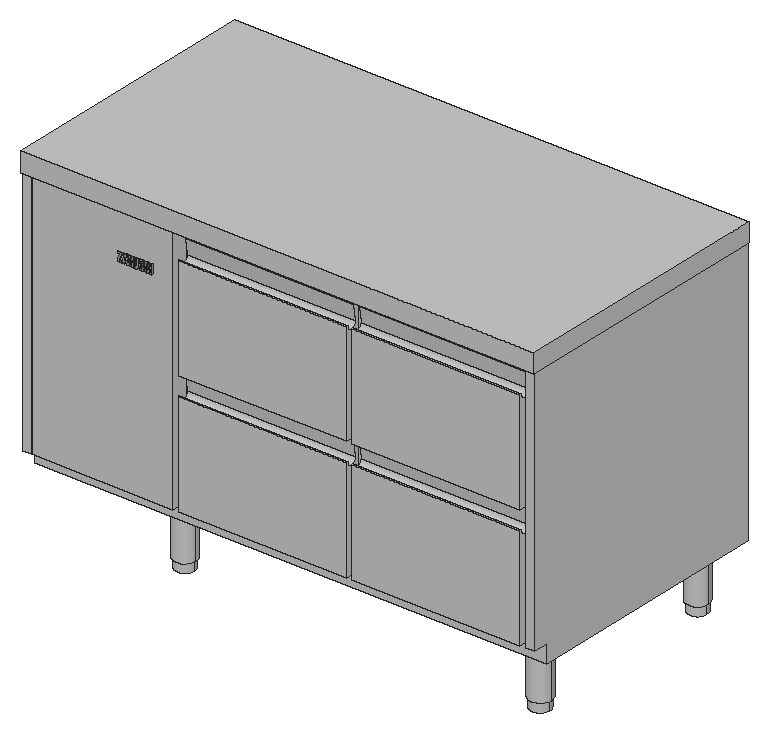
Revit family "QF_ZANUSSI_111031_ZH2HBBB", category Specialty Equipment, Revit 2018 (continued)
Definition of nested family "ZAN_Cooling Unit"
  Lines and regions (mm)
    Split face 130
      outline origin (110.032, 2, -113.091) x (0, 0, 1) y (-1, 0, 0)
        loop
          arc (502.647, 116.535) -> (506.648, 112.533) -> (510.649, 116.535) r 4.001
          line (510.649, 116.535) -> (510.649, 158.547)
    Split face 131
      outline origin (110.032, 2, -125.094) x (0, 0, 1) y (-1, 0, 0)
        loop
          arc (510.649, 158.547) -> (506.648, 162.548) -> (502.647, 158.547) r 4.001
          line (502.647, 158.547) -> (502.647, 116.535)
          arc (502.647, 116.535) -> (506.648, 112.533) -> (510.649, 116.535) r 4.001
          line (510.649, 116.535) -> (510.649, 158.547)
    Split face 132
      outline origin (110.032, 2, -137.098) x (0, 0, 1) y (-1, 0, 0)
        loop
          arc (510.649, 158.547) -> (506.648, 162.548) -> (502.647, 158.547) r 4.001
          line (502.647, 158.547) -> (502.647, 116.535)
          arc (502.647, 116.535) -> (506.648, 112.533) -> (510.649, 116.535) r 4.001
          line (510.649, 116.535) -> (510.649, 158.547)
    Split face 133
      outline origin (110.032, 2, -149.101) x (0, 0, 1) y (-1, 0, 0)
        loop
          arc (510.649, 158.547) -> (506.648, 162.548) -> (502.647, 158.547) r 4.001
          line (502.647, 158.547) -> (502.647, 116.535)
          arc (502.647, 116.535) -> (506.648, 112.533) -> (510.649, 116.535) r 4.001
          line (510.649, 116.535) -> (510.649, 158.547)
    Split face 134
      outline origin (110.032, 2, -161.105) x (0, 0, 1) y (-1, 0, 0)
        loop
          arc (510.649, 158.547) -> (506.648, 162.548) -> (502.647, 158.547) r 4.001
          line (502.647, 158.547) -> (502.647, 116.535)
          arc (502.647, 116.535) -> (506.648, 112.533) -> (510.649, 116.535) r 4.001
          line (510.649, 116.535) -> (510.649, 158.547)
    Split face 135
      outline origin (110.032, 2, -173.108) x (0, 0, 1) y (-1, 0, 0)
        loop
          arc (510.649, 158.547) -> (506.648, 162.548) -> (502.647, 158.547) r 4.001
          line (502.647, 158.547) -> (502.647, 116.535)
          arc (502.647, 116.535) -> (506.648, 112.533) -> (510.649, 116.535) r 4.001
          line (510.649, 116.535) -> (510.649, 158.547)
    Split face 136
      outline origin (110.032, 2, -185.112) x (0, 0, 1) y (-1, 0, 0)
        loop
          arc (510.649, 158.547) -> (506.648, 162.548) -> (502.647, 158.547) r 4.001
          line (502.647, 158.547) -> (502.647, 116.535)
          arc (502.647, 116.535) -> (506.648, 112.533) -> (510.649, 116.535) r 4.001
          line (510.649, 116.535) -> (510.649, 158.547)
    Split face 137
      outline origin (110.032, 2, -197.115) x (0, 0, 1) y (-1, 0, 0)
        loop
          arc (510.649, 158.547) -> (506.648, 162.548) -> (502.647, 158.547) r 4.001
          line (502.647, 158.547) -> (502.647, 116.535)
          arc (502.647, 116.535) -> (506.648, 112.533) -> (510.649, 116.535) r 4.001
          line (510.649, 116.535) -> (510.649, 158.547)
    Split face 138
      outline origin (110.032, 2, -209.119) x (0, 0, 1) y (-1, 0, 0)
        loop
          arc (510.649, 158.547) -> (506.648, 162.548) -> (502.647, 158.547) r 4.001
          line (502.647, 158.547) -> (502.647, 116.535)
          arc (502.647, 116.535) -> (506.648, 112.533) -> (510.649, 116.535) r 4.001
          line (510.649, 116.535) -> (510.649, 158.547)
    Split face 139
      outline origin (110.032, 2, -221.122) x (0, 0, 1) y (-1, 0, 0)
        loop
          arc (510.649, 158.547) -> (506.648, 162.548) -> (502.647, 158.547) r 4.001
          line (502.647, 158.547) -> (502.647, 116.535)
          arc (502.647, 116.535) -> (506.648, 112.533) -> (510.649, 116.535) r 4.001
          line (510.649, 116.535) -> (510.649, 158.547)
    Split face 140
      outline origin (110.032, 2, -233.126) x (0, 0, 1) y (-1, 0, 0)
        loop
          arc (510.649, 158.547) -> (506.648, 162.548) -> (502.647, 158.547) r 4.001
          line (502.647, 158.547) -> (502.647, 116.535)
          arc (502.647, 116.535) -> (506.648, 112.533) -> (510.649, 116.535) r 4.001
          line (510.649, 116.535) -> (510.649, 158.547)
    Split face 141
      outline origin (110.032, 2, -245.129) x (0, 0, 1) y (-1, 0, 0)
        loop
          arc (510.649, 158.547) -> (506.648, 162.548) -> (502.647, 158.547) r 4.001
          line (502.647, 158.547) -> (502.647, 116.535)
          arc (502.647, 116.535) -> (506.648, 112.533) -> (510.649, 116.535) r 4.001
          line (510.649, 116.535) -> (510.649, 158.547)
    Split face 142
      outline origin (110.032, 2, -257.133) x (0, 0, 1) y (-1, 0, 0)
        loop
          arc (510.649, 158.547) -> (506.648, 162.548) -> (502.647, 158.547) r 4.001
          line (502.647, 158.547) -> (502.647, 116.535)
          arc (502.647, 116.535) -> (506.648, 112.533) -> (510.649, 116.535) r 4.001
          line (510.649, 116.535) -> (510.649, 158.547)
    Split face 143
      outline origin (110.032, 2, -269.136) x (0, 0, 1) y (-1, 0, 0)
        loop
          arc (510.649, 158.547) -> (506.648, 162.548) -> (502.647, 158.547) r 4.001
          line (502.647, 158.547) -> (502.647, 116.535)
          arc (502.647, 116.535) -> (506.648, 112.533) -> (510.649, 116.535) r 4.001
          line (510.649, 116.535) -> (510.649, 158.547)
    Split face 144
      outline origin (110.032, 2, -281.14) x (0, 0, 1) y (-1, 0, 0)
        loop
          arc (510.649, 158.547) -> (506.648, 162.548) -> (502.647, 158.547) r 4.001
          line (502.647, 158.547) -> (502.647, 116.535)
          arc (502.647, 116.535) -> (506.648, 112.533) -> (510.649, 116.535) r 4.001
          line (510.649, 116.535) -> (510.649, 158.547)
    Split face 145
      outline origin (110.032, 2, -293.144) x (0, 0, 1) y (-1, 0, 0)
        loop
          arc (510.649, 158.547) -> (506.648, 162.548) -> (502.647, 158.547) r 4.001
          line (502.647, 158.547) -> (502.647, 116.535)
          arc (502.647, 116.535) -> (506.648, 112.533) -> (510.649, 116.535) r 4.001
          line (510.649, 116.535) -> (510.649, 158.547)
    Split face 146
      outline origin (165.048, 2, -113.091) x (0, 0, 1) y (-1, 0, 0)
        loop
          arc (510.649, 158.547) -> (506.648, 162.548) -> (502.647, 158.547) r 4.001
          line (502.647, 158.547) -> (502.647, 116.535)
          arc (502.647, 116.535) -> (506.648, 112.533) -> (510.649, 116.535) r 4.001
          line (510.649, 116.535) -> (510.649, 158.547)
    Split face 147
      outline origin (165.048, 2, -125.094) x (0, 0, 1) y (-1, 0, 0)
        loop
          arc (510.649, 158.547) -> (506.648, 162.548) -> (502.647, 158.547) r 4.001
          line (502.647, 158.547) -> (502.647, 116.535)
          arc (502.647, 116.535) -> (506.648, 112.533) -> (510.649, 116.535) r 4.001
          line (510.649, 116.535) -> (510.649, 158.547)
    Split face 148
      outline origin (165.048, 2, -137.098) x (0, 0, 1) y (-1, 0, 0)
        loop
          arc (510.649, 158.547) -> (506.648, 162.548) -> (502.647, 158.547) r 4.001
          line (502.647, 158.547) -> (502.647, 116.535)
          arc (502.647, 116.535) -> (506.648, 112.533) -> (510.649, 116.535) r 4.001
          line (510.649, 116.535) -> (510.649, 158.547)
    Split face 149
      outline origin (165.048, 2, -149.101) x (0, 0, 1) y (-1, 0, 0)
        loop
          arc (510.649, 158.547) -> (506.648, 162.548) -> (502.647, 158.547) r 4.001
          line (502.647, 158.547) -> (502.647, 116.535)
          arc (502.647, 116.535) -> (506.648, 112.533) -> (510.649, 116.535) r 4.001
          line (510.649, 116.535) -> (510.649, 158.547)
    Split face 150
      outline origin (165.048, 2, -161.105) x (0, 0, 1) y (-1, 0, 0)
        loop
          arc (510.649, 158.547) -> (506.648, 162.548) -> (502.647, 158.547) r 4.001
          line (502.647, 158.547) -> (502.647, 116.535)
          arc (502.647, 116.535) -> (506.648, 112.533) -> (510.649, 116.535) r 4.001
          line (510.649, 116.535) -> (510.649, 158.547)
    Split face 151
      outline origin (165.048, 2, -173.108) x (0, 0, 1) y (-1, 0, 0)
        loop
          arc (510.649, 158.547) -> (506.648, 162.548) -> (502.647, 158.547) r 4.001
          line (502.647, 158.547) -> (502.647, 116.535)
          arc (502.647, 116.535) -> (506.648, 112.533) -> (510.649, 116.535) r 4.001
          line (510.649, 116.535) -> (510.649, 158.547)
    Split face 152
      outline origin (165.048, 2, -185.112) x (0, 0, 1) y (-1, 0, 0)
        loop
          arc (510.649, 158.547) -> (506.648, 162.548) -> (502.647, 158.547) r 4.001
          line (502.647, 158.547) -> (502.647, 116.535)
          arc (502.647, 116.535) -> (506.648, 112.533) -> (510.649, 116.535) r 4.001
          line (510.649, 116.535) -> (510.649, 158.547)
    Split face 153
      outline origin (165.048, 2, -197.115) x (0, 0, 1) y (-1, 0, 0)
        loop
          arc (510.649, 158.547) -> (506.648, 162.548) -> (502.647, 158.547) r 4.001
          line (502.647, 158.547) -> (502.647, 116.535)
          arc (502.647, 116.535) -> (506.648, 112.533) -> (510.649, 116.535) r 4.001
          line (510.649, 116.535) -> (510.649, 158.547)
    Split face 154
      outline origin (165.048, 2, -209.119) x (0, 0, 1) y (-1, 0, 0)
        loop
          arc (510.649, 158.547) -> (506.648, 162.548) -> (502.647, 158.547) r 4.001
          line (502.647, 158.547) -> (502.647, 116.535)
          arc (502.647, 116.535) -> (506.648, 112.533) -> (510.649, 116.535) r 4.001
          line (510.649, 116.535) -> (510.649, 158.547)
    Split face 155
      outline origin (165.048, 2, -221.122) x (0, 0, 1) y (-1, 0, 0)
        loop
          arc (510.649, 158.547) -> (506.648, 162.548) -> (502.647, 158.547) r 4.001
          line (502.647, 158.547) -> (502.647, 116.535)
          arc (502.647, 116.535) -> (506.648, 112.533) -> (510.649, 116.535) r 4.001
          line (510.649, 116.535) -> (510.649, 158.547)
    Split face 156
      outline origin (165.048, 2, -233.126) x (0, 0, 1) y (-1, 0, 0)
        loop
          arc (510.649, 158.547) -> (506.648, 162.548) -> (502.647, 158.547) r 4.001
          line (502.647, 158.547) -> (502.647, 116.535)
          arc (502.647, 116.535) -> (506.648, 112.533) -> (510.649, 116.535) r 4.001
          line (510.649, 116.535) -> (510.649, 158.547)
    Split face 157
      outline origin (165.048, 2, -245.129) x (0, 0, 1) y (-1, 0, 0)
        loop
          arc (510.649, 158.547) -> (506.648, 162.548) -> (502.647, 158.547) r 4.001
          line (502.647, 158.547) -> (502.647, 116.535)
          arc (502.647, 116.535) -> (506.648, 112.533) -> (510.649, 116.535) r 4.001
          line (510.649, 116.535) -> (510.649, 158.547)
    Split face 158
      outline origin (165.048, 2, -257.133) x (0, 0, 1) y (-1, 0, 0)
        loop
          arc (510.649, 158.547) -> (506.648, 162.548) -> (502.647, 158.547) r 4.001
          line (502.647, 158.547) -> (502.647, 116.535)
          arc (502.647, 116.535) -> (506.648, 112.533) -> (510.649, 116.535) r 4.001
          line (510.649, 116.535) -> (510.649, 158.547)
    Split face 159
      outline origin (165.048, 2, -269.136) x (0, 0, 1) y (-1, 0, 0)
        loop
          arc (510.649, 158.547) -> (506.648, 162.548) -> (502.647, 158.547) r 4.001
          line (502.647, 158.547) -> (502.647, 116.535)
          arc (502.647, 116.535) -> (506.648, 112.533) -> (510.649, 116.535) r 4.001
          line (510.649, 116.535) -> (510.649, 158.547)
    Split face 160
      outline origin (165.048, 2, -281.14) x (0, 0, 1) y (-1, 0, 0)
        loop
          arc (510.649, 158.547) -> (506.648, 162.548) -> (502.647, 158.547) r 4.001
          line (502.647, 158.547) -> (502.647, 116.535)
          arc (502.647, 116.535) -> (506.648, 112.533) -> (510.649, 116.535) r 4.001
          line (510.649, 116.535) -> (510.649, 158.547)
    Split face 161
      outline origin (165.048, 2, -293.144) x (0, 0, 1) y (-1, 0, 0)
        loop
          arc (510.649, 158.547) -> (506.648, 162.548) -> (502.647, 158.547) r 4.001
          line (502.647, 158.547) -> (502.647, 116.535)
          arc (502.647, 116.535) -> (506.648, 112.533) -> (510.649, 116.535) r 4.001
          line (510.649, 116.535) -> (510.649, 158.547)
    Split face 162
      outline origin (220.064, 2, -113.091) x (0, 0, 1) y (-1, 0, 0)
        loop
          arc (510.649, 158.547) -> (506.648, 162.548) -> (502.647, 158.547) r 4.001
          line (502.647, 158.547) -> (502.647, 116.535)
          arc (502.647, 116.535) -> (506.648, 112.533) -> (510.649, 116.535) r 4.001
          line (510.649, 116.535) -> (510.649, 158.547)
    Split face 163
      outline origin (220.064, 2, -125.094) x (0, 0, 1) y (-1, 0, 0)
        loop
          arc (510.649, 158.547) -> (506.648, 162.548) -> (502.647, 158.547) r 4.001
          line (502.647, 158.547) -> (502.647, 116.535)
          arc (502.647, 116.535) -> (506.648, 112.533) -> (510.649, 116.535) r 4.001
          line (510.649, 116.535) -> (510.649, 158.547)
    Split face 164
      outline origin (220.064, 2, -137.098) x (0, 0, 1) y (-1, 0, 0)
        loop
          arc (510.649, 158.547) -> (506.648, 162.548) -> (502.647, 158.547) r 4.001
          line (502.647, 158.547) -> (502.647, 116.535)
          arc (502.647, 116.535) -> (506.648, 112.533) -> (510.649, 116.535) r 4.001
          line (510.649, 116.535) -> (510.649, 158.547)
    Split face 165
      outline origin (220.064, 2, -149.101) x (0, 0, 1) y (-1, 0, 0)
        loop
          arc (510.649, 158.547) -> (506.648, 162.548) -> (502.647, 158.547) r 4.001
          line (502.647, 158.547) -> (502.647, 116.535)
          arc (502.647, 116.535) -> (506.648, 112.533) -> (510.649, 116.535) r 4.001
          line (510.649, 116.535) -> (510.649, 158.547)
    Split face 166
      outline origin (220.064, 2, -161.105) x (0, 0, 1) y (-1, 0, 0)
        loop
          arc (510.649, 158.547) -> (506.648, 162.548) -> (502.647, 158.547) r 4.001
          line (502.647, 158.547) -> (502.647, 116.535)
          arc (502.647, 116.535) -> (506.648, 112.533) -> (510.649, 116.535) r 4.001
          line (510.649, 116.535) -> (510.649, 158.547)
    Split face 167
      outline origin (220.064, 2, -173.108) x (0, 0, 1) y (-1, 0, 0)
        loop
          arc (510.649, 158.547) -> (506.648, 162.548) -> (502.647, 158.547) r 4.001
          line (502.647, 158.547) -> (502.647, 116.535)
          arc (502.647, 116.535) -> (506.648, 112.533) -> (510.649, 116.535) r 4.001
          line (510.649, 116.535) -> (510.649, 158.547)
    Split face 168
      outline origin (220.064, 2, -185.112) x (0, 0, 1) y (-1, 0, 0)
        loop
          arc (510.649, 158.547) -> (506.648, 162.548) -> (502.647, 158.547) r 4.001
          line (502.647, 158.547) -> (502.647, 116.535)
          arc (502.647, 116.535) -> (506.648, 112.533) -> (510.649, 116.535) r 4.001
          line (510.649, 116.535) -> (510.649, 158.547)
    Split face 169
      outline origin (220.064, 2, -197.115) x (0, 0, 1) y (-1, 0, 0)
        loop
          arc (510.649, 158.547) -> (506.648, 162.548) -> (502.647, 158.547) r 4.001
          line (502.647, 158.547) -> (502.647, 116.535)
          arc (502.647, 116.535) -> (506.648, 112.533) -> (510.649, 116.535) r 4.001
          line (510.649, 116.535) -> (510.649, 158.547)
    Split face 170
      outline origin (220.064, 2, -209.119) x (0, 0, 1) y (-1, 0, 0)
        loop
          arc (510.649, 158.547) -> (506.648, 162.548) -> (502.647, 158.547) r 4.001
          line (502.647, 158.547) -> (502.647, 116.535)
          arc (502.647, 116.535) -> (506.648, 112.533) -> (510.649, 116.535) r 4.001
          line (510.649, 116.535) -> (510.649, 158.547)
    Split face 171
      outline origin (220.064, 2, -221.122) x (0, 0, 1) y (-1, 0, 0)
        loop
          arc (510.649, 158.547) -> (506.648, 162.548) -> (502.647, 158.547) r 4.001
          line (502.647, 158.547) -> (502.647, 116.535)
          arc (502.647, 116.535) -> (506.648, 112.533) -> (510.649, 116.535) r 4.001
          line (510.649, 116.535) -> (510.649, 158.547)
    Split face 172
      outline origin (220.064, 2, -233.126) x (0, 0, 1) y (-1, 0, 0)
        loop
          arc (510.649, 158.547) -> (506.648, 162.548) -> (502.647, 158.547) r 4.001
          line (502.647, 158.547) -> (502.647, 116.535)
          arc (502.647, 116.535) -> (506.648, 112.533) -> (510.649, 116.535) r 4.001
          line (510.649, 116.535) -> (510.649, 158.547)
    Split face 173
      outline origin (220.064, 2, -245.129) x (0, 0, 1) y (-1, 0, 0)
        loop
          arc (510.649, 158.547) -> (506.648, 162.548) -> (502.647, 158.547) r 4.001
          line (502.647, 158.547) -> (502.647, 116.535)
          arc (502.647, 116.535) -> (506.648, 112.533) -> (510.649, 116.535) r 4.001
          line (510.649, 116.535) -> (510.649, 158.547)
    Split face 174
      outline origin (220.064, 2, -257.133) x (0, 0, 1) y (-1, 0, 0)
        loop
          arc (510.649, 158.547) -> (506.648, 162.548) -> (502.647, 158.547) r 4.001
          line (502.647, 158.547) -> (502.647, 116.535)
          arc (502.647, 116.535) -> (506.648, 112.533) -> (510.649, 116.535) r 4.001
          line (510.649, 116.535) -> (510.649, 158.547)
    Split face 175
      outline origin (220.064, 2, -269.136) x (0, 0, 1) y (-1, 0, 0)
        loop
          arc (510.649, 158.547) -> (506.648, 162.548) -> (502.647, 158.547) r 4.001
          line (502.647, 158.547) -> (502.647, 116.535)
          arc (502.647, 116.535) -> (506.648, 112.533) -> (510.649, 116.535) r 4.001
          line (510.649, 116.535) -> (510.649, 158.547)
    Split face 176
      outline origin (220.064, 2, -281.14) x (0, 0, 1) y (-1, 0, 0)
        loop
          arc (510.649, 158.547) -> (506.648, 162.548) -> (502.647, 158.547) r 4.001
          line (502.647, 158.547) -> (502.647, 116.535)
          arc (502.647, 116.535) -> (506.648, 112.533) -> (510.649, 116.535) r 4.001
          line (510.649, 116.535) -> (510.649, 158.547)
    Split face 177
      outline origin (220.064, 2, -293.144) x (0, 0, 1) y (-1, 0, 0)
        loop
          arc (510.649, 158.547) -> (506.648, 162.548) -> (502.647, 158.547) r 4.001
          line (502.647, 158.547) -> (502.647, 116.535)
          arc (502.647, 116.535) -> (506.648, 112.533) -> (510.649, 116.535) r 4.001
          line (510.649, 116.535) -> (510.649, 158.547)
    Split face 178
      outline origin (275.081, 2, -113.091) x (0, 0, 1) y (-1, 0, 0)
        loop
          arc (510.649, 158.547) -> (506.648, 162.548) -> (502.647, 158.547) r 4.001
          line (502.647, 158.547) -> (502.647, 116.535)
          arc (502.647, 116.535) -> (506.648, 112.533) -> (510.649, 116.535) r 4.001
          line (510.649, 116.535) -> (510.649, 158.547)
    Split face 179
      outline origin (275.081, 2, -125.094) x (0, 0, 1) y (-1, 0, 0)
        loop
          arc (510.649, 158.547) -> (506.648, 162.548) -> (502.647, 158.547) r 4.001
          line (502.647, 158.547) -> (502.647, 116.535)
          arc (502.647, 116.535) -> (506.648, 112.533) -> (510.649, 116.535) r 4.001
          line (510.649, 116.535) -> (510.649, 158.547)
    Split face 180
      outline origin (275.081, 2, -137.098) x (0, 0, 1) y (-1, 0, 0)
        loop
          arc (510.649, 158.547) -> (506.648, 162.548) -> (502.647, 158.547) r 4.001
          line (502.647, 158.547) -> (502.647, 116.535)
          arc (502.647, 116.535) -> (506.648, 112.533) -> (510.649, 116.535) r 4.001
          line (510.649, 116.535) -> (510.649, 158.547)
    Split face 181
      outline origin (275.081, 2, -149.101) x (0, 0, 1) y (-1, 0, 0)
        loop
          arc (510.649, 158.547) -> (506.648, 162.548) -> (502.647, 158.547) r 4.001
          line (502.647, 158.547) -> (502.647, 116.535)
          arc (502.647, 116.535) -> (506.648, 112.533) -> (510.649, 116.535) r 4.001
          line (510.649, 116.535) -> (510.649, 158.547)
    Split face 182
      outline origin (275.081, 2, -161.105) x (0, 0, 1) y (-1, 0, 0)
        loop
          arc (510.649, 158.547) -> (506.648, 162.548) -> (502.647, 158.547) r 4.001
          line (502.647, 158.547) -> (502.647, 116.535)
          arc (502.647, 116.535) -> (506.648, 112.533) -> (510.649, 116.535) r 4.001
          line (510.649, 116.535) -> (510.649, 158.547)
    Split face 183
      outline origin (275.081, 2, -173.108) x (0, 0, 1) y (-1, 0, 0)
        loop
          arc (510.649, 158.547) -> (506.648, 162.548) -> (502.647, 158.547) r 4.001
          line (502.647, 158.547) -> (502.647, 116.535)
          arc (502.647, 116.535) -> (506.648, 112.533) -> (510.649, 116.535) r 4.001
          line (510.649, 116.535) -> (510.649, 158.547)
    Split face 184
      outline origin (275.081, 2, -185.112) x (0, 0, 1) y (-1, 0, 0)
        loop
          arc (510.649, 158.547) -> (506.648, 162.548) -> (502.647, 158.547) r 4.001
          line (502.647, 158.547) -> (502.647, 116.535)
          arc (502.647, 116.535) -> (506.648, 112.533) -> (510.649, 116.535) r 4.001
          line (510.649, 116.535) -> (510.649, 158.547)
    Split face 185
      outline origin (275.081, 2, -197.115) x (0, 0, 1) y (-1, 0, 0)
        loop
          arc (510.649, 158.547) -> (506.648, 162.548) -> (502.647, 158.547) r 4.001
          line (502.647, 158.547) -> (502.647, 116.535)
          arc (502.647, 116.535) -> (506.648, 112.533) -> (510.649, 116.535) r 4.001
          line (510.649, 116.535) -> (510.649, 158.547)
    Split face 186
      outline origin (275.081, 2, -209.119) x (0, 0, 1) y (-1, 0, 0)
        loop
          arc (510.649, 158.547) -> (506.648, 162.548) -> (502.647, 158.547) r 4.001
          line (502.647, 158.547) -> (502.647, 116.535)
          arc (502.647, 116.535) -> (506.648, 112.533) -> (510.649, 116.535) r 4.001
          line (510.649, 116.535) -> (510.649, 158.547)
    Split face 187
      outline origin (275.081, 2, -221.122) x (0, 0, 1) y (-1, 0, 0)
        loop
          arc (510.649, 158.547) -> (506.648, 162.548) -> (502.647, 158.547) r 4.001
          line (502.647, 158.547) -> (502.647, 116.535)
          arc (502.647, 116.535) -> (506.648, 112.533) -> (510.649, 116.535) r 4.001
          line (510.649, 116.535) -> (510.649, 158.547)
    Split face 188
      outline origin (275.081, 2, -233.126) x (0, 0, 1) y (-1, 0, 0)
        loop
          arc (510.649, 158.547) -> (506.648, 162.548) -> (502.647, 158.547) r 4.001
          line (502.647, 158.547) -> (502.647, 116.535)
          arc (502.647, 116.535) -> (506.648, 112.533) -> (510.649, 116.535) r 4.001
          line (510.649, 116.535) -> (510.649, 158.547)
    Split face 189
      outline origin (275.081, 2, -245.129) x (0, 0, 1) y (-1, 0, 0)
        loop
          arc (510.649, 158.547) -> (506.648, 162.548) -> (502.647, 158.547) r 4.001
          line (502.647, 158.547) -> (502.647, 116.535)
          arc (502.647, 116.535) -> (506.648, 112.533) -> (510.649, 116.535) r 4.001
          line (510.649, 116.535) -> (510.649, 158.547)
    Split face 190
      outline origin (275.081, 2, -257.133) x (0, 0, 1) y (-1, 0, 0)
        loop
          arc (510.649, 158.547) -> (506.648, 162.548) -> (502.647, 158.547) r 4.001
          line (502.647, 158.547) -> (502.647, 116.535)
          arc (502.647, 116.535) -> (506.648, 112.533) -> (510.649, 116.535) r 4.001
          line (510.649, 116.535) -> (510.649, 158.547)
    Split face 191
      outline origin (275.081, 2, -269.136) x (0, 0, 1) y (-1, 0, 0)
        loop
          arc (510.649, 158.547) -> (506.648, 162.548) -> (502.647, 158.547) r 4.001
          line (502.647, 158.547) -> (502.647, 116.535)
          arc (502.647, 116.535) -> (506.648, 112.533) -> (510.649, 116.535) r 4.001
          line (510.649, 116.535) -> (510.649, 158.547)
    Split face 192
      outline origin (275.081, 2, -281.14) x (0, 0, 1) y (-1, 0, 0)
        loop
          arc (510.649, 158.547) -> (506.648, 162.548) -> (502.647, 158.547) r 4.001
          line (502.647, 158.547) -> (502.647, 116.535)
          arc (502.647, 116.535) -> (506.648, 112.533) -> (510.649, 116.535) r 4.001
          line (510.649, 116.535) -> (510.649, 158.547)
    Split face 193
      outline origin (275.081, 2, -293.144) x (0, 0, 1) y (-1, 0, 0)
        loop
          arc (510.649, 158.547) -> (506.648, 162.548) -> (502.647, 158.547) r 4.001
          line (502.647, 158.547) -> (502.647, 116.535)
          arc (502.647, 116.535) -> (506.648, 112.533) -> (510.649, 116.535) r 4.001
          line (510.649, 116.535) -> (510.649, 158.547)
    Split face 194
      outline origin (0, 2, 197) x (0, 0, 1) y (-1, 0, 0)
        loop
          spline (566.835, 20.381) -> (564.628, 19.058) -> (561.987, 18.027) -> (558.955, 17.386) -> (555.581, 17.244) -> (551.912, 17.703) -> (547.993, 18.863) -> (543.871, 20.83) -> (539.591, 23.706) -> (535.202, 27.594) -> (530.748, 32.597) -> (526.28, 38.824) -> (521.835, 46.362)
        loop
          spline (521.835, 58.392) -> (525.386, 49.242) -> (529.197, 41.481) -> (533.2, 35.023) -> (537.329, 29.786) -> (541.516, 25.684) -> (545.695, 22.634) -> (549.798, 20.552) -> (553.759, 19.355) -> (557.511, 18.958) -> (560.984, 19.275) -> (564.115, 20.227) -> (566.835, 21.726)
    Split face 195
      outline origin (0, 2, 197) x (0, 0, 1) y (-1, 0, 0)
        loop
          line (555.835, 149.5) -> (532.835, 149.5) -> (532.835, 94.5) -> (555.835, 94.5) -> (555.835, 149.5)
  Dimensions and locks
    aligned and locked: level to plane 2
  Nested families
    nested 1: "ZAN_Logo_S_Grey" at (85, 2, 741.213) x (1, 0, 0) z (0, -1, 0), visible <- "Show Logo", type "ZAN_Logo_S_Grey"
  Definition of nested family "ZAN_Logo_S_Grey"
    Parameters
      Default Elevation = 0 mm
    Reference planes
      plane 1 "Centro (Fronte/Retro)": y = 0
      plane 2: z = 0
      plane 3 "Centro (Sinistra/Destra)": x = 0
    Forms (mm)
      Extrusion 1, solid
        sketch origin (0, 0, 0) x (1, 0, 0) y (0, 1, 0)
          loop
            line (-1219.2, 1219.2) -> (-1219.2, -1219.2) -> (1219.2, -1219.2) -> (1219.2, 1219.2) -> (-1219.2, 1219.2)
        from 0 to -304.8
      Extrusion 2, solid
        sketch origin (17.793, -46.218, 0) x (-1, 0, 0) y (0, -1, 0)
          loop
            spline (-4.176, -58.079) -> (-3.496, -58.328) -> (-2.793, -58.512) -> (-2.075, -58.63) -> (-1.348, -58.682) -> (-0.619, -58.669) -> (0.106, -58.588) -> (0.818, -58.44) -> (1.512, -58.225) -> (2.18, -57.941) -> (2.817, -57.589) -> (3.414, -57.167) -> (3.966, -56.676)
            spline (3.966, -56.676) -> (4.293, -56.162) -> (4.575, -55.61) -> (4.81, -55.026) -> (5, -54.419) -> (5.146, -53.797) -> (5.247, -53.166) -> (5.304, -52.536) -> (5.318, -51.913) -> (5.288, -51.306) -> (5.217, -50.723) -> (5.103, -50.17) -> (4.949, -49.657)
            line (4.949, -49.657) -> (2.702, -46.428) -> (0.316, -44.323)
            spline (0.316, -44.323) -> (0.065, -44.115) -> (-0.195, -43.909) -> (-0.46, -43.704) -> (-0.729, -43.496) -> (-0.997, -43.282) -> (-1.263, -43.059) -> (-1.523, -42.825) -> (-1.774, -42.576) -> (-2.013, -42.309) -> (-2.238, -42.022) -> (-2.445, -41.712) -> (-2.632, -41.375)
            spline (-2.632, -41.375) -> (-2.666, -41.159) -> (-2.697, -40.934) -> (-2.722, -40.701) -> (-2.736, -40.465) -> (-2.736, -40.227) -> (-2.72, -39.989) -> (-2.682, -39.754) -> (-2.621, -39.524) -> (-2.533, -39.302) -> (-2.414, -39.091) -> (-2.261, -38.892) -> (-2.07, -38.708)
            line (-2.07, -38.708) -> (-0.245, -38.567)
            spline (-0.245, -38.567) -> (0.096, -38.8) -> (0.354, -39.074) -> (0.54, -39.381) -> (0.664, -39.716) -> (0.738, -40.073) -> (0.772, -40.445) -> (0.777, -40.825) -> (0.763, -41.208) -> (0.742, -41.588) -> (0.723, -41.957) -> (0.718, -42.309) -> (0.737, -42.638)
            line (0.737, -42.638) -> (5.65, -42.638)
            spline (5.65, -42.638) -> (5.708, -42.042) -> (5.741, -41.448) -> (5.747, -40.857) -> (5.723, -40.273) -> (5.668, -39.696) -> (5.58, -39.129) -> (5.457, -38.574) -> (5.297, -38.032) -> (5.098, -37.506) -> (4.857, -36.997) -> (4.574, -36.508) -> (4.247, -36.041)
            spline (4.247, -36.041) -> (3.844, -35.675) -> (3.409, -35.35) -> (2.946, -35.065) -> (2.458, -34.819) -> (1.949, -34.612) -> (1.421, -34.444) -> (0.88, -34.314) -> (0.326, -34.221) -> (-0.234, -34.165) -> (-0.8, -34.146) -> (-1.366, -34.163) -> (-1.93, -34.216)
            spline (-1.93, -34.216) -> (-2.526, -34.309) -> (-3.116, -34.448) -> (-3.695, -34.633) -> (-4.259, -34.861) -> (-4.801, -35.131) -> (-5.316, -35.444) -> (-5.799, -35.798) -> (-6.245, -36.191) -> (-6.648, -36.624) -> (-7.002, -37.095) -> (-7.303, -37.603) -> (-7.545, -38.146)
            spline (-7.545, -38.146) -> (-7.694, -38.815) -> (-7.792, -39.487) -> (-7.839, -40.158) -> (-7.836, -40.824) -> (-7.785, -41.482) -> (-7.685, -42.129) -> (-7.539, -42.762) -> (-7.347, -43.377) -> (-7.111, -43.97) -> (-6.83, -44.538) -> (-6.506, -45.078) -> (-6.141, -45.586)
            line (-6.141, -45.586) -> (-0.526, -50.64) -> (0.176, -51.482)
            spline (0.176, -51.482) -> (0.248, -51.66) -> (0.323, -51.843) -> (0.397, -52.03) -> (0.467, -52.22) -> (0.529, -52.412) -> (0.579, -52.605) -> (0.615, -52.798) -> (0.633, -52.989) -> (0.63, -53.179) -> (0.601, -53.366) -> (0.545, -53.55) -> (0.456, -53.728)
            spline (0.456, -53.728) -> (0.375, -53.892) -> (0.273, -54.034) -> (0.154, -54.155) -> (0.02, -54.258) -> (-0.126, -54.343) -> (-0.28, -54.412) -> (-0.441, -54.466) -> (-0.604, -54.508) -> (-0.767, -54.537) -> (-0.928, -54.556) -> (-1.082, -54.567) -> (-1.228, -54.57)
            line (-1.228, -54.57) -> (-2.632, -53.587) -> (-2.772, -50.64) -> (-7.405, -50.64)
            spline (-7.405, -50.64) -> (-7.41, -51.031) -> (-7.423, -51.432) -> (-7.44, -51.839) -> (-7.456, -52.251) -> (-7.469, -52.665) -> (-7.475, -53.079) -> (-7.468, -53.489) -> (-7.446, -53.894) -> (-7.404, -54.291) -> (-7.339, -54.679) -> (-7.247, -55.053) -> (-7.123, -55.412)
            spline (-7.123, -55.412) -> (-6.999, -55.693) -> (-6.837, -55.97) -> (-6.643, -56.244) -> (-6.422, -56.509) -> (-6.177, -56.765) -> (-5.913, -57.009) -> (-5.634, -57.238) -> (-5.346, -57.45) -> (-5.051, -57.643) -> (-4.755, -57.814) -> (-4.462, -57.96) -> (-4.176, -58.079)
          loop
            spline (-21.021, -55.552) -> (-20.633, -56.181) -> (-20.177, -56.736) -> (-19.661, -57.217) -> (-19.092, -57.627) -> (-18.478, -57.966) -> (-17.827, -58.237) -> (-17.147, -58.441) -> (-16.446, -58.578) -> (-15.73, -58.652) -> (-15.009, -58.662) -> (-14.29, -58.611) -> (-13.581, -58.5)
            spline (-13.581, -58.5) -> (-13.088, -58.407) -> (-12.595, -58.269) -> (-12.109, -58.088) -> (-11.636, -57.866) -> (-11.183, -57.605) -> (-10.756, -57.307) -> (-10.361, -56.974) -> (-10.004, -56.608) -> (-9.692, -56.211) -> (-9.431, -55.784) -> (-9.228, -55.33) -> (-9.089, -54.851)
            spline (-9.089, -54.851) -> (-8.873, -54.211) -> (-8.715, -53.559) -> (-8.615, -52.901) -> (-8.574, -52.241) -> (-8.592, -51.585) -> (-8.668, -50.938) -> (-8.802, -50.306) -> (-8.995, -49.693) -> (-9.247, -49.106) -> (-9.557, -48.55) -> (-9.925, -48.03) -> (-10.352, -47.551)
            line (-10.352, -47.551) -> (-15.546, -42.919) -> (-16.669, -41.234)
            spline (-16.669, -41.234) -> (-16.704, -41.021) -> (-16.735, -40.804) -> (-16.761, -40.583) -> (-16.778, -40.361) -> (-16.784, -40.139) -> (-16.774, -39.919) -> (-16.748, -39.701) -> (-16.7, -39.488) -> (-16.63, -39.28) -> (-16.533, -39.08) -> (-16.406, -38.889) -> (-16.248, -38.708)
            line (-16.248, -38.708) -> (-14.844, -38.427)
            spline (-14.844, -38.427) -> (-14.347, -38.545) -> (-13.969, -38.749) -> (-13.695, -39.028) -> (-13.508, -39.368) -> (-13.393, -39.757) -> (-13.335, -40.182) -> (-13.318, -40.63) -> (-13.326, -41.089) -> (-13.344, -41.546) -> (-13.356, -41.988) -> (-13.347, -42.403) -> (-13.3, -42.779)
            line (-13.3, -42.779) -> (-8.387, -42.638)
            spline (-8.387, -42.638) -> (-8.326, -42.034) -> (-8.288, -41.417) -> (-8.277, -40.794) -> (-8.299, -40.169) -> (-8.357, -39.548) -> (-8.457, -38.936) -> (-8.604, -38.339) -> (-8.803, -37.762) -> (-9.058, -37.21) -> (-9.375, -36.689) -> (-9.758, -36.204) -> (-10.212, -35.76)
            spline (-10.212, -35.76) -> (-10.793, -35.336) -> (-11.409, -34.976) -> (-12.054, -34.679) -> (-12.723, -34.445) -> (-13.409, -34.273) -> (-14.107, -34.163) -> (-14.811, -34.115) -> (-15.515, -34.127) -> (-16.213, -34.2) -> (-16.899, -34.333) -> (-17.568, -34.526) -> (-18.213, -34.777)
            spline (-18.213, -34.777) -> (-18.496, -34.897) -> (-18.783, -35.044) -> (-19.071, -35.216) -> (-19.357, -35.412) -> (-19.639, -35.629) -> (-19.915, -35.865) -> (-20.182, -36.119) -> (-20.438, -36.389) -> (-20.681, -36.672) -> (-20.907, -36.967) -> (-21.115, -37.272) -> (-21.301, -37.585)
            spline (-21.301, -37.585) -> (-21.55, -38.26) -> (-21.734, -38.948) -> (-21.854, -39.647) -> (-21.91, -40.351) -> (-21.901, -41.057) -> (-21.828, -41.761) -> (-21.69, -42.459) -> (-21.489, -43.148) -> (-21.222, -43.823) -> (-20.892, -44.48) -> (-20.497, -45.116) -> (-20.038, -45.726)
            line (-20.038, -45.726) -> (-14.142, -51.061) -> (-13.44, -52.886) -> (-14.002, -54.289) -> (-15.265, -54.57) -> (-16.669, -53.587) -> (-16.81, -50.78) -> (-21.582, -50.64)
            spline (-21.582, -50.64) -> (-21.558, -51.063) -> (-21.55, -51.491) -> (-21.554, -51.92) -> (-21.561, -52.35) -> (-21.567, -52.778) -> (-21.565, -53.201) -> (-21.547, -53.619) -> (-21.509, -54.029) -> (-21.444, -54.43) -> (-21.345, -54.818) -> (-21.206, -55.193) -> (-21.021, -55.552)
          loop
            line (-22.424, -34.216) -> (-27.337, -34.216) -> (-27.337, -58.22) -> (-22.424, -58.22) -> (-22.424, -34.216)
          loop
            line (14.213, -39.971) -> (14.213, -58.22) -> (19.126, -58.22) -> (19.126, -42.077) -> (18.845, -38.146) -> (18.424, -37.164) -> (17.442, -35.9) -> (16.459, -35.199) -> (14.494, -34.356) -> (13.511, -34.216) -> (11.265, -34.216) -> (10.142, -34.497) -> (8.458, -35.479) -> (6.493, -38.287) -> (6.352, -39.269) -> (6.352, -58.22) -> (11.265, -58.22) -> (11.265, -40.392) -> (11.827, -39.129) -> (13.371, -38.988) -> (14.213, -39.971)
          loop
            line (20.249, -58.22) -> (24.741, -58.22) -> (24.741, -42.919) -> (28.812, -58.22) -> (34.006, -58.22) -> (34.006, -34.216) -> (29.654, -34.216) -> (29.654, -50.078) -> (25.583, -34.216) -> (20.249, -34.216) -> (20.249, -58.22)
          loop
            line (50.149, -58.22) -> (62.361, -58.22) -> (62.361, -53.728) -> (55.904, -53.868) -> (62.923, -39.129) -> (62.923, -34.216) -> (50.149, -34.216) -> (50.149, -39.129) -> (57.517, -39.129) -> (50.149, -54.149) -> (50.149, -58.22)
          loop
            line (38.778, -58.22) -> (45.516, -58.22) -> (49.868, -34.216) -> (44.814, -34.216) -> (44.113, -38.848) -> (40.042, -38.848) -> (39.34, -34.216) -> (34.286, -34.216) -> (38.778, -58.22)
          loop
            line (43.551, -43.2) -> (40.744, -43.2) -> (42.147, -54.117) -> (43.551, -43.2)
        from 0 to 1.644
    Dimensions and locks
      aligned and locked: plane 2 to Extrusion 1
      aligned and locked: level to Extrusion 1
Definition of nested family "Refrigerator"
  Reference planes
    plane 1 "Center (Front/Back)": y = 0
    plane 2: z = 0
    plane 3 "Center (Left/Right)": x = 0
  Lines and regions (mm)
    detail lines, in view "Ref. Level"
      curve 1: spline (-500, 190, 0) -> (-493.185, 166.706, 0) -> (-473.205, 145, 0) -> (-441.421, 126.36, 0) -> (-400, 112.058, 0) -> (-351.764, 103.067, 0) -> (-300, 100, 0) -> (-248.236, 103.067, 0) -> (-200, 112.058, 0) -> (-158.579, 126.36, 0) -> (-126.795, 145, 0) -> (-106.815, 166.706, 0) -> (-100, 190, 0) -> (-106.815, 213.294, 0) -> (-126.795, 235, 0) -> (-158.579, 253.64, 0) -> (-200, 267.942, 0) -> (-248.236, 276.933, 0) -> (-300, 280, 0) -> (-351.764, 276.933, 0) -> (-400, 267.942, 0) -> (-441.421, 253.64, 0) -> (-473.205, 235, 0) -> (-493.185, 213.294, 0) -> (-500, 190, 0)
      curve 2: line (-300, 130, 0) -> (-300, 250, 0)
      curve 3: line (-351.962, 220, 0) -> (-248.038, 160, 0)
      curve 4: line (-351.962, 160, 0) -> (-248.038, 220, 0)
      curve 5: line (-280.884, 246.873, 0) -> (-300, 225, 0)
      curve 6: line (-300, 225, 0) -> (-319.116, 246.873, 0)
      curve 7: line (-330.311, 207.5, 0) -> (-339.696, 234.992, 0)
      curve 8: line (-358.812, 201.882, 0) -> (-330.311, 207.5, 0)
      curve 9: line (-330.311, 172.5, 0) -> (-358.812, 178.118, 0)
      curve 10: line (-339.696, 145.008, 0) -> (-330.311, 172.5, 0)
      curve 11: line (-300, 155, 0) -> (-319.116, 133.127, 0)
      curve 12: line (-280.884, 133.127, 0) -> (-300, 155, 0)
      curve 13: line (-269.689, 172.5, 0) -> (-260.304, 145.008, 0)
      curve 14: line (-241.188, 178.118, 0) -> (-269.689, 172.5, 0)
      curve 15: line (-269.689, 207.5, 0) -> (-241.188, 201.882, 0)
      curve 16: line (-260.304, 234.992, 0) -> (-269.689, 207.5, 0)
